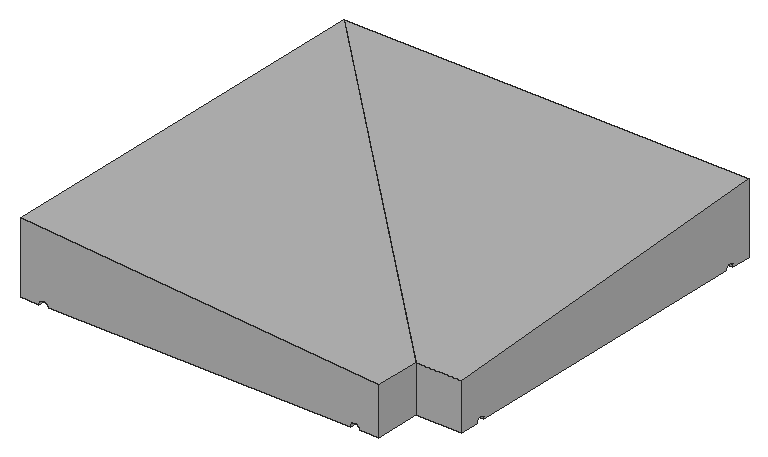
Revit family "WC539 Feather Edge Ext. Corner", category Generic Models, Revit 2020
Family settings
  Can host rebar = No
  Round Connector Dimension = Use Diameter
  Part Type = Normal
  Work Plane-Based = No
  Always vertical = Yes
  Cut with Voids When Loaded = No
  Shared = No
  Room Calculation Point = No
Parameters
  Weight = "28Kg"
  Warranty Guarantor Parts = "n/a"
  Warranty Guarantor Labour = "n/a"
  Warranty Duration Unit = "n/a"
  Warranty Duration Parts = "n/a"
  Warranty Duration Labour = "n/a"
  Warranty Description = "n/a"
  Unit Width [instance] = 381 mm
  Unit Length [instance] = 430 mm
  Unit Height [instance] = 75 mm
  URL = "www.killeshal.com"
  Types = "Single"
  Type Comments = "Visit our website for a full list of available products."
  Sustainability Performance = "n/a"
  Structural Class = "n/a"
  Span = "Unit Length"
  Slope = "0.00°"
  Size = "381mm x 75 to 50mm"
  Shape = "As per drawing"
  Service Life = "0.000000"
  Serial Number = "n/a"
  Resistance to Fire = "n/a"
  Replacement Cost = "n/a"
  Reference = "n/a"
  Notified Body = "n/a"
  Nominal Cover to Main Bar = "n/a"
  Model = "W/C 539 Wall Cap."
  Mechanical Resistance = "n/a"
  Manufacturer = "Killeshal Precast Concrete Ltd."
  Load Bearing = no
  Life Cycle Environmental Load = "n/a"
  Length Options = "Stock size 430 x 430mm."
  Keynote = "The information contained is the sole property of KPC Ltd., any reproduction in part or whole without permission of KPC Ltd. is prohibited."
  Environmental Product Declaration = "n/a"
  Environmental Class = "n/a"
  Durability against Corrosion = "n/a"
  Dimension Accuracy Class = "n/a"
  Detailing = "As per design specification and product drawings."
  Description = "15\" Feather Edge External Corner Wall Cap"
  Default Elevation = 0 mm
  Dangerous Substances = "n/a"
  Contact Tel = "0035357 9353018"
  Contact Email = "sales@killeshal.com"
  Construction Type = "Precast"
  Construction Tolerance Class = "n/a"
  Compressive Strength of Concrete = "n/a"
  Characteristics of Reinforcing Steel = "n/a"
  Characteristics Deflection Under Load = "n/a"
Reference planes
  plane 1 "Center (Front/Back)": y = 0
  plane 2: z = 0
  plane 3 "Center (Left/Right)": x = 0
  plane 4 "Rear": y = 190.5
  plane 5 "Front": y = -190.5
  plane 6 "Top": z = 75
  plane 7 "Center L/T": z = 50
  plane 8 "Center L/W": y = 110
  plane 9 "Center L/X": y = -110
  plane 10 "Center L/Y": y = 165.5
  plane 11 "Center L/Z": y = -165.5
  plane 12: x = -215
  plane 13: x = 166
  plane 14: x = -190
  plane 15: x = 141
  plane 16 "Split Line 1": through (166, -190.5, 1200) normal (-0.7071, -0.7071, 0)
  plane 17: y = -930
  plane 18: y = -881
  plane 19 "Angle Line 2": through (166, -881, 1200) normal (-0.7071, -0.7071, 0)
Forms (mm)
  Extrusion 1, solid, material "Precast Concrete (KPC)"
    sketch origin (0, 0, 0) x (0, 1, 0) y (0, 0, 1)
      loop
        line (-190.5, 50) -> (-190.5, 0) -> (-170.5, 0)
        arc (-170.5, 0) -> (-165.5, 5) -> (-160.5, 0) r 5
        line (-160.5, 0) -> (160.5, 0)
        arc (160.5, 0) -> (165.5, 5) -> (170.5, 0) r 5
        line (170.5, 0) -> (190.5, 0) -> (190.5, 75) -> (-190.5, 50)
    from -215 to 215
  Extrusion 2, solid, material "Precast Concrete (KPC)"
    sketch origin (0, 0, 0) x (1, 0, 0) y (0, 0, 1)
      loop
        line (-215, 0) -> (-195, 0)
        arc (-195, 0) -> (-190, 5) -> (-185, 0) r 5
        line (-185, 0) -> (136, 0)
        arc (136, 0) -> (141, 5) -> (146, 0) r 5
        line (146, 0) -> (166, 0) -> (166, 50) -> (-215, 75) -> (-215, 0)
    from -190.5 to 239.5
  Extrusion 3, void
    sketch origin (0, 0, 0) x (1, 0, 0) y (0, 1, 0)
      loop
        line (166, -190.5) -> (-215, 190.5) -> (-215, -190.5) -> (166, -190.5)
    from -215 to 215
  Extrusion 4, void
    sketch origin (500, 0, 0) x (1, 0, 0) y (0, 1, 0)
      loop
        line (-334, -190.5) -> (-334, 190.5) -> (-715, 190.5) -> (-334, -190.5)
    from -215 to 215
Cuts and joins
  Extrusion 3 cuts Extrusion 1
  Extrusion 4 cuts Extrusion 2
Dimensions and locks
  "Unit Length": Extrusion 1 to Extrusion 1
  cut or joined group of Extrusion 1, Extrusion 3 to cut or joined group of Extrusion 2, Extrusion 4 = 430 mm
  cut or joined group of Extrusion 2, Extrusion 4 to cut or joined group of Extrusion 2, Extrusion 4 = 381 mm
  cut or joined group of Extrusion 1, Extrusion 3 to cut or joined group of Extrusion 1, Extrusion 3 = 381 mm
  "Unit Width": cut or joined group of Extrusion 2, Extrusion 4 to cut or joined group of Extrusion 2, Extrusion 4
  "Unit Height": plane 6 "Top" to cut or joined group of Extrusion 2, Extrusion 4
  plane 7 "Center L/T" to cut or joined group of Extrusion 1, Extrusion 3 = 50 mm
  aligned and locked: level to plane 2
Automatic sketch dimensions
  Extrusion 1 sketch curve to plane 5 "Front" = 0 mm
  Extrusion 1 sketch curve to level = 0 mm
  Extrusion 1 sketch curve to plane 11 "Center L/Z" = 0 mm
  Extrusion 1 sketch curve to plane 10 "Center L/Y" = 0 mm
  Extrusion 1 sketch curve to plane 4 "Rear" = 0 mm
  Extrusion 1 sketch curve to plane 7 "Center L/T" = 0 mm
  Extrusion 1 sketch curve to plane 6 "Top" = 0 mm
  Extrusion 1 sketch curve to Extrusion 1 sketch curve = 5 mm  (x2)
  Extrusion 2 sketch curve to plane 6 "Top" = 0 mm
  plane 12 to Extrusion 2 sketch curve = 0 mm
  Extrusion 2 sketch curve to level = 0 mm
  plane 14 to Extrusion 2 sketch curve = 0 mm
  plane 15 to Extrusion 2 sketch curve = 0 mm
  Extrusion 2 sketch curve to plane 7 "Center L/T" = 0 mm
  plane 13 to Extrusion 2 sketch curve = 0 mm
  Extrusion 2 sketch curve to Extrusion 2 sketch curve = 5 mm  (x2)
  Extrusion 3 sketch curve to plane 4 "Rear" = 0 mm
  Extrusion 3 sketch curve to plane 12 = 0 mm
  Extrusion 3 sketch curve to plane 5 "Front" = 0 mm
  Extrusion 3 sketch curve to plane 13 = 0 mm
  Extrusion 4 sketch curve to plane 4 "Rear" = 0 mm
  Extrusion 4 sketch curve to plane 12 = 0 mm
  Extrusion 4 sketch curve to plane 13 = 0 mm
  Extrusion 4 sketch curve to plane 5 "Front" = 0 mm
